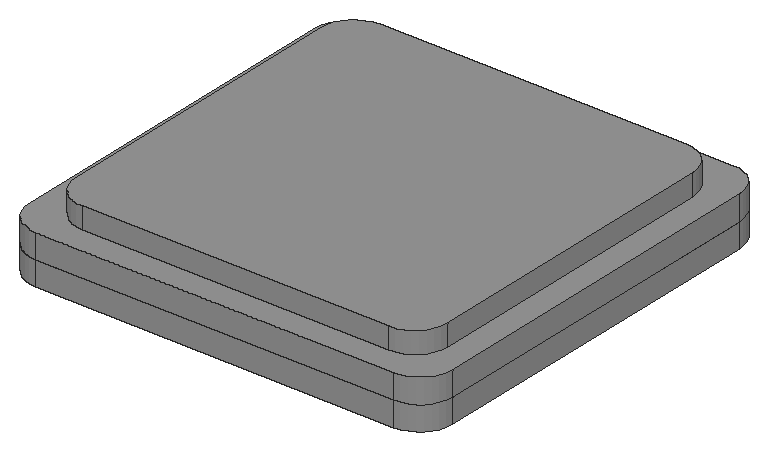
Revit family "FMS2_63_UN_Surface-mounted_ETK", category Lighting Fixtures, Revit 2019 (continued)
Definition of nested family "FMS.2 - Lightsource"
  Types (14, lengths in mm): name | Wattage Comments | Wattage | built-in parameter 1150134 | Photometric Web File | built-in parameter 1150142 | built-in parameter 1150105 | Lumens | built-in parameter 1150107 | built-in parameter 1150106 | Apparent Load
    FMS.1100.10 - Ø270 / 18W / 1120lm / 3000K | "18W" | 7.53996 W | (empty or 0) | "FMS.1100.10.ies" | "IESNA:LM-63-2002\r\n[TEST] /2015\r\n[TESTLAB] ies2eulumdat.appspot.com\r\n[ISSUEDATE] 2021-10-05T13:43:05.025\r\n[MANUFAC] www.etk.nl\r\n[LUMCAT] FMS.1100.10\r\n[LUMINAIRE] FMS.1 LED 18W 3000K 1120lm ø270 Ledeshi Slice circle III niet dimbaar\r\n[LAMPCAT] LED\r\n[LAMP] LED\r\nTILT=NONE\r\n1\t1283\t1\t181\t72\t1\t2\t-0.270\t-0.270\t0\r\n1.0\t1.0\t15.90\r\n0\t 0.5\t 1\t 1.5\t 2\t 2.5\t 3\t 3.5\t 4\t 4.5\r\n5\t 5.5\t 6\t 6.5\t 7\t 7.5\t 8\t 8.5\t 9\t 9.5\r\n10\t 10.5\t 11\t 11.5\t 12\t 12.5\t 13\t 13.5\t 14\t 14.5\r\n15\t 15.5\t 16\t 16.5\t 17\t 17.5\t 18\t 18.5\t 19\t 19.5\r\n20\t 20.5\t 21\t 21.5\t 22\t 22.5\t 23\t 23.5\t 24\t 24.5\r\n25\t 25.5\t 26\t 26.5\t 27\t 27.5\t 28\t 28.5\t 29\t 29.5\r\n30\t 30.5\t 31\t 31.5\t 32\t 32.5\t 33\t 33.5\t 34\t 34.5\r\n35\t 35.5\t 36\t 36.5\t 37\t 37.5\t 38\t 38.5\t 39\t 39.5\r\n40\t 40.5\t 41\t 41.5\t 42\t 42.5\t 43\t 43.5\t 44\t 44.5\r\n45\t 45.5\t 46\t 46.5\t 47\t 47.5\t 48\t 48.5\t 49\t 49.5\r\n50\t 50.5\t 51\t 51.5\t 52\t 52.5\t 53\t 53.5\t 54\t 54.5\r\n55\t 55.5\t 56\t 56.5\t 57\t 57.5\t 58\t 58.5\t 59\t 59.5\r\n60\t 60.5\t 61\t 61.5\t 62\t 62.5\t 63\t 63.5\t 64\t 64.5\r\n65\t 65.5\t 66\t 66.5\t 67\t 67.5\t 68\t 68.5\t 69\t 69.5\r\n70\t 70.5\t 71\t 71.5\t 72\t 72.5\t 73\t 73.5\t 74\t 74.5\r\n75\t 75.5\t 76\t 76.5\t 77\t 77.5\t 78\t 78.5\t 79\t 79.5\r\n80\t 80.5\t 81\t 81.5\t 82\t 82.5\t 83\t 83.5\t 84\t 84.5\r\n85\t 85.5\t 86\t 86.5\t 87\t 87.5\t 88\t 88.5\t 89\t 89.5\r\n90\r\n0\t 5\t 10\t 15\t 20\t 25\t 30\t 35\t 40\t 45\r\n50\t 55\t 60\t 65\t 70\t 75\t 80\t 85\t 90\t 95\r\n100\t 105\t 110\t 115\t 120\t 125\t 130\t 135\t 140\t 145\r\n150\t 155\t 160\t 165\t 170\t 175\t 180\t 185\t 190\t 195\r\n200\t 205\t 210\t 215\t 220\t 225\t 230\t 235\t 240\t 245\r\n250\t 255\t 260\t 265\t 270\t 275\t 280\t 285\t 290\t 295\r\n300\t 305\t 310\t 315\t 320\t 325\t 330\t 335\t 340\t 345\r\n350\t 355\r\n473.6291\t473.5008\t473.3725\t473.2442\t473.1158\t472.8592\t472.6026\t472.2176\t471.8326\t471.3194\r\n470.9344\t470.4211\t470.0362\t469.3946\t468.6246\t467.983\t467.2131\t466.3149\t465.4166\t464.3901\r\n463.4918\t462.5936\t461.567\t460.2838\t458.8723\t457.5891\t456.4342\t455.0227\t453.6112\t452.1997\r\n450.6598\t449.12\t447.5802\t445.912\t444.2438\t442.5757\t440.7792\t438.9827\t437.0579\t435.1331\r\n433.2083\t431.1552\t429.1021\t426.9206\t424.6109\t422.5578\t420.5046\t418.1949\t415.7568\t413.447\r\n411.1373\t408.8275\t406.3894\t403.9514\t401.385\t398.6902\t395.9955\t393.5574\t390.991\t388.2963\r\n385.6016\t382.7786\t379.8272\t377.1325\t374.4378\t371.4864\t368.535\t365.712\t362.889\t359.9376\r\n356.9862\t353.7782\t350.6986\t347.7472\t344.6675\t341.7162\t338.6365\t335.5568\t332.4771\t329.1408\r\n325.9328\t322.8531\t319.7734\t316.4371\t313.2291\t309.8928\t306.6848\t303.3485\t300.1405\t296.8042\r\n293.4678\t290.1315\t286.9235\t283.4589\t280.1226\t276.9146\t273.5782\t270.1136\t266.649\t263.3126\r\n259.9763\t256.3834\t252.7904\t249.5824\t246.2461\t242.6531\t239.0602\t235.5955\t232.1309\t228.6662\r\n225.2016\t221.737\t218.2723\t214.8077\t211.343\t207.8784\t204.2854\t200.6925\t197.2278\t193.6349\r\n190.1702\t186.7056\t183.1126\t179.648\t176.055\t172.5904\t169.1258\t165.4045\t161.8115\t158.2186\r\n154.6256\t151.2893\t147.8246\t144.2317\t140.6387\t137.1741\t133.7094\t130.2448\t126.6647\t123.2257\r\n119.7996\t116.3221\t112.8446\t109.4698\t106.095\t102.7073\t99.3325\t95.9577\t92.5829\t89.3364\r\n86.1027\t82.8691\t79.6482\t76.4402\t73.2451\t70.2039\t67.1627\t64.2242\t61.2985\t58.3856\r\n55.4727\t52.7267\t49.9806\t47.1704\t44.3602\t41.8195\t39.2916\t36.8278\t34.3769\t31.9902\r\n29.6034\t27.4476\t25.2919\t23.3414\t21.3909\t19.71\t18.029\t17.0794\t16.117\t13.4479\r\n10.775\r\n473.6291\t473.5008\t473.3725\t473.1158\t472.8592\t472.6026\t472.3459\t471.8326\t471.3194\t470.9344\r\n470.4211\t469.9078\t469.3946\t468.6246\t467.983\t467.0848\t466.3149\t465.4166\t464.3901\t463.4918\r\n462.4653\t461.4387\t460.4122\t459.129\t457.7174\t456.4342\t455.151\t453.7395\t452.1997\t450.7882\r\n449.2483\t447.7085\t446.0403\t444.3722\t442.704\t440.9075\t439.111\t437.1862\t435.2614\t433.3366\r\n431.4118\t429.3587\t427.3056\t424.9958\t422.8144\t420.7613\t418.5798\t416.2701\t413.832\t411.5222\r\n409.2125\t406.7744\t404.3363\t401.7699\t399.3318\t396.6371\t393.9424\t391.376\t388.8096\t386.2432\r\n383.5485\t380.7254\t377.7741\t374.951\t372.2563\t369.4333\t366.4819\t363.6589\t360.7075\t357.7562\r\n354.8048\t351.7251\t348.6454\t345.5658\t342.6144\t339.5347\t336.5834\t333.5037\t330.424\t327.216\r\n323.8797\t320.8\t317.7203\t314.5123\t311.176\t307.968\t304.76\t301.552\t298.344\t295.0077\r\n291.543\t288.335\t285.127\t281.7907\t278.4544\t275.1181\t271.7818\t268.4454\t265.1091\t261.7728\r\n258.4365\t255.1002\t251.6355\t248.1709\t244.7062\t241.3699\t237.9053\t234.4406\t230.976\t227.5114\r\n224.0467\t220.5821\t217.2458\t213.9094\t210.4448\t206.9802\t203.3872\t199.7942\t196.4579\t192.9933\r\n189.5286\t185.9357\t182.5994\t179.1347\t175.7984\t172.3338\t168.7408\t165.1478\t161.5549\t158.0902\r\n154.6256\t151.0326\t147.3114\t143.5901\t139.8688\t136.2758\t132.8112\t129.3466\t125.7664\t122.212\r\n118.7088\t115.2185\t111.7539\t108.3021\t104.8503\t101.4113\t98.075\t94.79\t91.4793\t88.143\r\n84.8837\t81.727\t78.6217\t75.5292\t72.3468\t69.2415\t66.1618\t63.1719\t60.1949\t57.3462\r\n54.5617\t51.8156\t49.1209\t46.4647\t43.6288\t40.7288\t37.7004\t34.5309\t31.2203\t28.0123\r\n24.9326\t22.0839\t19.402\t16.9126\t14.6413\t12.8448\t11.2896\t10.1014\t9.1543\t1.2783\r\n0\r\n473.6291\t473.5008\t473.2442\t472.9875\t472.7309\t472.3459\t471.961\t471.4477\t470.9344\t470.4211\r\n469.9078\t469.3946\t468.753\t468.1114\t467.2131\t466.4432\t465.6733\t464.6467\t463.6202\t462.5936\r\n461.567\t460.5405\t459.5139\t458.2307\t456.8192\t455.4077\t454.1245\t452.713\t451.1731\t449.7616\r\n448.2218\t446.5536\t445.0138\t443.2173\t441.5491\t439.7526\t437.9562\t436.0314\t434.1066\t432.1818\r\n430.257\t428.2038\t426.1507\t423.9693\t421.7878\t419.6064\t417.425\t415.2435\t412.8054\t410.4957\r\n408.0576\t405.7478\t403.3098\t400.8717\t398.3053\t395.8672\t393.1725\t390.6061\t387.9114\t385.345\r\n382.6502\t380.0838\t377.1325\t374.3094\t371.4864\t368.7917\t365.9686\t363.2739\t360.3226\t357.3712\r\n354.4198\t351.4685\t348.3888\t345.4374\t342.4861\t339.4064\t336.455\t333.5037\t330.424\t327.3443\r\n324.2646\t321.0566\t317.977\t314.8973\t311.8176\t308.6096\t305.4016\t302.3219\t299.1139\t295.9059\r\n292.6979\t289.3616\t285.7686\t282.4323\t279.096\t275.6314\t272.1667\t268.7021\t265.1091\t261.6445\r\n258.1798\t254.7152\t251.3789\t247.7859\t244.3213\t240.7283\t237.1354\t233.6707\t230.2061\t226.6131\r\n223.0202\t219.5555\t215.9626\t212.3696\t208.905\t205.4403\t201.9757\t198.511\t194.9181\t191.3251\r\n187.7322\t184.2675\t180.8029\t177.2099\t173.7453\t170.2806\t166.816\t163.4797\t160.015\t156.4221\r\n152.7008\t149.2362\t145.6432\t142.0502\t138.5856\t134.9926\t131.528\t127.9864\t124.5217\t121.0956\r\n117.6951\t114.3203\t110.9198\t107.545\t104.2728\t101.0392\t97.8825\t94.6232\t91.0559\t87.3988\r\n83.8828\t80.7518\t77.6336\t74.5283\t71.4357\t68.4074\t65.4689\t62.5175\t59.5661\t56.6918\r\n53.8687\t51.1227\t48.4665\t45.8872\t43.0899\t40.1128\t37.1486\t34.1973\t31.2588\t28.4999\r\n25.9976\t23.5852\t21.2498\t19.0812\t17.2334\t15.4754\t13.7687\t9.2339\t1.903\t0\r\n0\r\n473.6291\t473.3725\t473.1158\t472.7309\t472.4742\t472.0893\t471.7043\t471.191\t470.5494\t470.0362\r\n469.5229\t468.8813\t468.2397\t467.4698\t466.6998\t465.8016\t465.0317\t464.0051\t462.9786\t461.952\r\n460.9254\t459.7706\t458.744\t457.5891\t456.0493\t454.6378\t453.3546\t451.943\t450.5315\t448.9917\r\n447.4518\t445.912\t444.2438\t442.5757\t440.7792\t439.111\t437.1862\t435.3898\t433.465\t431.6685\r\n429.7437\t427.6906\t425.7658\t423.5843\t421.4029\t419.2214\t417.04\t414.8586\t412.6771\t410.3674\r\n408.0576\t405.6195\t403.3098\t400.8717\t398.4336\t395.8672\t393.4291\t390.8627\t388.4246\t385.7299\r\n383.0352\t380.4688\t377.9024\t375.2077\t372.3846\t369.6899\t366.8669\t364.0438\t361.4774\t358.5261\r\n355.3181\t352.1101\t348.9021\t345.8224\t342.6144\t339.4064\t336.1984\t332.8621\t329.6541\t326.5744\r\n323.2381\t320.0301\t316.6938\t313.3574\t310.0211\t306.8131\t303.4768\t300.1405\t296.8042\t293.4678\r\n290.2598\t286.9235\t283.5872\t279.9942\t276.5296\t273.1933\t269.9853\t266.649\t263.3126\t259.9763\r\n256.5117\t253.047\t249.7107\t246.3744\t242.9098\t239.5734\t236.2371\t232.9008\t229.4362\t226.0998\r\n222.5069\t218.9139\t215.321\t211.728\t208.135\t204.5421\t201.0774\t197.4845\t193.8915\t190.4269\r\n186.9622\t183.4976\t180.033\t176.44\t172.847\t169.2541\t165.7894\t162.5814\t159.1168\t155.7805\r\n152.4442\t149.1078\t145.5149\t141.7936\t137.944\t134.351\t130.8864\t127.3833\t123.8288\t120.3\r\n116.7712\t113.2809\t109.8676\t106.4799\t103.1308\t99.7945\t96.471\t93.0705\t89.747\t86.4748\r\n83.2284\t80.0717\t76.9663\t73.9123\t70.884\t67.9069\t64.9299\t61.9786\t59.0785\t56.217\r\n53.4068\t50.6607\t47.9404\t45.2585\t42.7562\t40.2925\t37.8672\t35.4676\t33.0937\t30.7326\r\n28.4485\t26.2158\t24.0215\t21.8657\t19.7228\t16.5404\t9.6599\t2.7884\t0\t0\r\n0\r\n473.6291\t473.3725\t472.9875\t472.6026\t472.3459\t471.8326\t471.4477\t470.9344\t470.2928\t469.6512\r\n469.0096\t468.4963\t467.7264\t467.0848\t466.1866\t465.4166\t464.5184\t463.4918\t462.4653\t461.4387\r\n460.2838\t459.2573\t458.1024\t456.9475\t455.6643\t454.2528\t452.8413\t451.4298\t450.0182\t448.6067\r\n447.0669\t445.527\t443.9872\t442.319\t440.6509\t438.8544\t437.0579\t435.2614\t433.465\t431.5402\r\n429.6154\t427.8189\t425.8941\t423.841\t421.6595\t419.6064\t417.425\t415.5002\t413.1904\t411.009\r\n408.6992\t406.5178\t404.208\t401.8982\t399.4602\t396.8938\t394.0707\t391.2477\t388.553\t385.7299\r\n382.9069\t379.8272\t376.8758\t374.0528\t371.1014\t368.1501\t365.0704\t361.9907\t359.0394\t355.9597\r\n353.0083\t350.057\t346.849\t343.7693\t340.5613\t337.4816\t334.4019\t331.1939\t328.1142\t324.9062\r\n321.6982\t318.6186\t315.4106\t312.2026\t309.1229\t305.7866\t302.4502\t299.2422\t296.0342\t292.8262\r\n289.7466\t286.6669\t283.3306\t279.9942\t276.7862\t273.3216\t269.7286\t266.1357\t262.5427\t259.0781\r\n255.7418\t252.2771\t248.9408\t245.3478\t241.8832\t238.4186\t234.9539\t231.4893\t228.0246\t224.56\r\n221.0954\t217.759\t214.4227\t210.9581\t207.6218\t204.1571\t200.8208\t197.4845\t194.1482\t190.8118\r\n186.9622\t183.241\t179.5197\t175.7984\t172.2054\t168.6125\t165.1478\t161.5549\t157.9619\t154.369\r\n150.6477\t147.0547\t143.5901\t140.1254\t136.6608\t133.3245\t129.8598\t126.4209\t122.9049\t119.4018\r\n115.95\t112.5238\t109.1105\t105.7228\t102.3865\t99.0887\t95.8294\t92.6342\t89.4519\t86.154\r\n82.8819\t79.6482\t76.4787\t73.3605\t70.3065\t67.3038\t64.3396\t61.414\t58.5652\t55.8192\r\n53.1116\t50.4298\t47.7864\t45.1686\t42.5894\t40.023\t37.5464\t35.3137\t33.1194\t30.9508\r\n28.795\t26.6521\t24.522\t22.4175\t16.4635\t10.0731\t3.67\t0\t0\t0\r\n0\r\n473.6291\t473.2442\t472.8592\t472.4742\t472.0893\t471.7043\t471.191\t470.6778\t470.0362\t469.3946\r\n468.753\t468.1114\t467.3414\t466.6998\t465.8016\t464.9034\t464.0051\t463.1069\t462.0803\t461.0538\r\n459.8989\t458.8723\t457.7174\t456.5626\t455.4077\t454.1245\t452.713\t451.3014\t449.8899\t448.4784\r\n446.9386\t445.3987\t443.9872\t442.4474\t440.7792\t439.111\t437.3146\t435.6464\t433.8499\t431.9251\r\n430.1286\t428.3322\t426.4074\t424.6109\t422.8144\t420.7613\t418.1949\t415.6285\t413.1904\t410.7523\r\n408.1859\t405.4912\t402.9248\t400.2301\t397.5354\t394.8406\t392.1459\t389.3229\t386.6282\t383.8051\r\n380.9821\t378.159\t375.336\t372.513\t369.5616\t366.7386\t363.7872\t360.8358\t357.8845\t354.9331\r\n351.9818\t349.0304\t346.2074\t343.1277\t340.1763\t337.225\t334.1453\t331.0656\t328.1142\t325.0346\r\n321.9549\t319.0035\t315.6672\t312.3309\t308.8662\t305.5299\t302.0653\t298.729\t295.3926\t291.928\r\n288.4634\t285.127\t281.6624\t278.3261\t274.9898\t271.7818\t268.3171\t264.9808\t261.6445\t258.1798\r\n254.8435\t251.5072\t248.2992\t245.0912\t241.7549\t238.5469\t235.2106\t231.8742\t228.4096\t224.6883\r\n221.0954\t217.3741\t213.7811\t210.1882\t206.4669\t202.8739\t199.281\t195.688\t192.2234\t188.6304\r\n185.1658\t181.5728\t178.1082\t174.6435\t171.0506\t167.5859\t164.1213\t160.6566\t156.9354\t153.4707\r\n149.8778\t146.4131\t142.8202\t139.3555\t135.8909\t132.4262\t129.0899\t125.6381\t122.289\t118.9526\r\n115.5907\t112.2415\t108.7255\t105.3122\t101.9374\t98.5883\t95.2648\t91.9669\t88.6948\t85.4355\r\n82.2146\t79.0323\t75.8884\t72.8344\t69.8702\t66.9189\t63.9804\t61.0803\t58.2188\t55.3829\r\n52.6112\t49.8652\t47.1319\t44.5912\t42.2301\t39.869\t37.5336\t35.1982\t32.8756\t30.5787\r\n28.2946\t26.0105\t21.8914\t16.0913\t10.2759\t4.4566\t0\t0\t0\t0\r\n0\r\n473.6291\t473.2442\t472.8592\t472.3459\t471.961\t471.4477\t470.9344\t470.4211\t469.7795\t469.1379\r\n468.368\t467.7264\t466.9565\t466.3149\t465.545\t464.6467\t463.7485\t462.8502\t461.8237\t460.7971\r\n459.6422\t458.6157\t457.4608\t456.4342\t455.151\t453.9962\t452.713\t451.4298\t450.0182\t448.6067\r\n447.1952\t445.6554\t444.2438\t442.704\t441.1642\t439.7526\t438.0845\t436.4163\t434.6198\t432.8234\r\n430.5136\t428.2038\t425.8941\t423.5843\t421.2746\t418.9648\t416.655\t414.217\t411.6506\t409.0842\r\n406.5178\t404.0797\t401.5133\t398.8186\t396.2522\t393.6858\t390.991\t388.2963\t385.6016\t382.9069\r\n380.2122\t377.5174\t374.6944\t371.8714\t369.0483\t366.3536\t363.6589\t360.8358\t358.1411\t355.1898\r\n352.2384\t349.287\t346.464\t343.256\t340.048\t336.9683\t333.7603\t330.424\t327.0877\t323.8797\r\n320.6717\t317.3354\t313.999\t310.6627\t307.4547\t304.1184\t300.9104\t297.7024\t294.3661\t291.1581\r\n287.8218\t284.6138\t281.4058\t278.1978\t274.9898\t271.7818\t268.4454\t265.2374\t262.0294\t258.5648\r\n254.9718\t251.3789\t247.7859\t244.193\t240.6\t237.007\t233.4141\t229.8211\t226.3565\t222.8918\r\n219.4272\t215.9626\t212.3696\t208.905\t205.4403\t201.9757\t198.511\t195.0464\t191.7101\t188.1171\r\n184.3958\t180.8029\t177.2099\t173.617\t170.024\t166.5594\t163.0947\t159.5018\t156.1654\t152.7008\r\n149.2362\t145.8998\t142.4352\t138.9706\t135.6342\t132.1696\t128.5766\t125.1248\t121.6345\t118.1571\r\n114.6924\t111.2534\t107.8401\t104.4525\t101.0777\t97.7413\t94.4435\t91.1585\t87.912\t84.7939\r\n81.6885\t78.6088\t75.5548\t72.5136\t69.4981\t66.5083\t63.5441\t60.5927\t57.6413\t54.7156\r\n52.0338\t49.5059\t46.9908\t44.5014\t42.0505\t39.6124\t37.1871\t34.7619\t32.3495\t29.9499\r\n27.3193\t21.8529\t16.3865\t10.9072\t5.4292\t0\t0\t0\t0\t0\r\n0\r\n473.6291\t473.2442\t472.7309\t472.2176\t471.8326\t471.3194\t470.8061\t470.1645\t469.5229\t468.8813\r\n468.1114\t467.4698\t466.6998\t465.9299\t465.2883\t464.3901\t463.4918\t462.5936\t461.567\t460.6688\r\n459.6422\t458.4874\t457.4608\t456.3059\t455.151\t454.1245\t452.8413\t451.6864\t450.2749\t448.9917\r\n447.7085\t446.297\t444.7571\t443.3456\t441.9341\t440.0093\t437.9562\t435.7747\t433.5933\t431.4118\r\n429.1021\t426.9206\t424.6109\t422.3011\t419.863\t417.5533\t415.2435\t412.9338\t410.624\t408.3142\r\n405.8762\t403.3098\t400.8717\t398.3053\t395.7389\t393.1725\t390.6061\t388.168\t385.4733\t382.9069\r\n380.2122\t377.6458\t374.951\t372.3846\t369.6899\t366.9952\t363.7872\t360.5792\t357.3712\t354.2915\r\n351.2118\t348.1322\t345.0525\t341.9728\t338.6365\t335.4285\t332.3488\t329.1408\t325.9328\t322.8531\r\n319.7734\t316.5654\t313.4858\t310.2778\t307.1981\t303.9901\t300.9104\t297.7024\t294.4944\t291.2864\r\n288.2067\t284.8704\t281.4058\t277.8128\t274.3482\t270.7552\t267.2906\t263.6976\t260.233\t256.7683\r\n253.3037\t249.839\t246.3744\t242.9098\t239.4451\t235.9805\t232.5158\t229.0512\t225.7149\t222.3786\r\n218.9139\t215.5776\t211.9846\t208.3917\t204.7987\t201.2058\t197.6128\t194.0198\t190.5552\t186.9622\r\n183.4976\t180.033\t176.5683\t173.1037\t169.639\t166.1744\t162.7098\t159.3734\t155.9088\t152.4442\r\n148.9795\t145.3866\t141.7936\t138.2006\t134.6077\t131.143\t127.6142\t124.1368\t120.685\t117.2588\r\n113.8455\t110.4322\t107.0445\t103.6697\t100.3719\t97.1382\t93.9302\t90.7351\t87.5527\t84.3961\r\n81.2522\t78.1212\t75.0159\t71.9234\t68.8308\t65.7768\t62.7356\t59.9383\t57.3205\t54.7028\r\n52.1108\t49.5187\t46.9395\t44.3731\t41.8067\t39.2531\t36.7124\t34.1716\t31.6437\t27.6273\r\n22.3662\t17.1179\t11.8593\t6.6008\t1.3397\t0\t0\t0\t0\t0\r\n0\r\n473.6291\t473.1158\t472.7309\t472.2176\t471.7043\t471.0627\t470.5494\t470.0362\t469.3946\t468.6246\r\n467.983\t467.2131\t466.4432\t465.8016\t465.0317\t464.2618\t463.3635\t462.4653\t461.567\t460.5405\r\n459.6422\t458.6157\t457.4608\t456.4342\t455.2794\t454.2528\t453.0979\t451.943\t450.7882\t449.505\r\n448.3501\t446.8102\t444.8854\t442.704\t440.6509\t438.5978\t436.5446\t434.4915\t432.4384\t430.257\r\n428.2038\t425.8941\t423.7126\t421.5312\t419.2214\t417.04\t414.6019\t412.2922\t409.8541\t407.5443\r\n405.3629\t403.0531\t400.7434\t398.3053\t395.9955\t393.5574\t391.1194\t388.553\t385.8582\t383.4202\r\n380.4688\t377.5174\t374.5661\t371.4864\t368.535\t365.4554\t362.3757\t359.4243\t356.3446\t353.3933\r\n350.3136\t347.2339\t344.1542\t341.0746\t337.9949\t334.9152\t331.8355\t328.8842\t325.9328\t322.8531\r\n319.9018\t316.8221\t313.8707\t310.791\t307.583\t304.1184\t300.6538\t297.1891\t293.5962\t290.2598\r\n286.7952\t283.3306\t279.8659\t276.4013\t273.065\t269.472\t266.1357\t262.671\t259.2064\t255.8701\r\n252.5338\t249.0691\t245.7328\t242.3965\t239.0602\t235.7238\t232.1309\t228.5379\t225.0733\t221.4803\r\n217.8874\t214.4227\t210.9581\t207.3651\t203.9005\t200.4358\t196.8429\t193.3782\t189.9136\t186.5773\r\n183.1126\t179.7763\t176.44\t172.9754\t169.5107\t165.9178\t162.3248\t158.7318\t155.0106\t151.4176\r\n147.953\t144.36\t140.8954\t137.4307\t133.8378\t130.3731\t126.9598\t123.508\t120.0819\t116.6685\r\n113.3066\t109.9702\t106.6468\t103.3489\t100.0639\t96.7918\t93.5453\t90.3116\t87.0908\t83.8956\r\n80.7004\t77.5309\t74.3614\t71.2048\t68.1892\t65.456\t62.7356\t60.0153\t57.3205\t54.6258\r\n51.9439\t49.2749\t46.6187\t43.9624\t41.319\t38.6756\t36.0451\t33.4274\t28.4742\t23.3671\r\n18.2471\t13.1271\t8.0033\t2.8821\t0\t0\t0\t0\t0\t0\r\n0\r\n473.6291\t473.1158\t472.6026\t472.0893\t471.576\t470.9344\t470.4211\t469.7795\t469.1379\t468.4963\r\n467.8547\t467.0848\t466.3149\t465.545\t464.775\t464.0051\t463.2352\t
